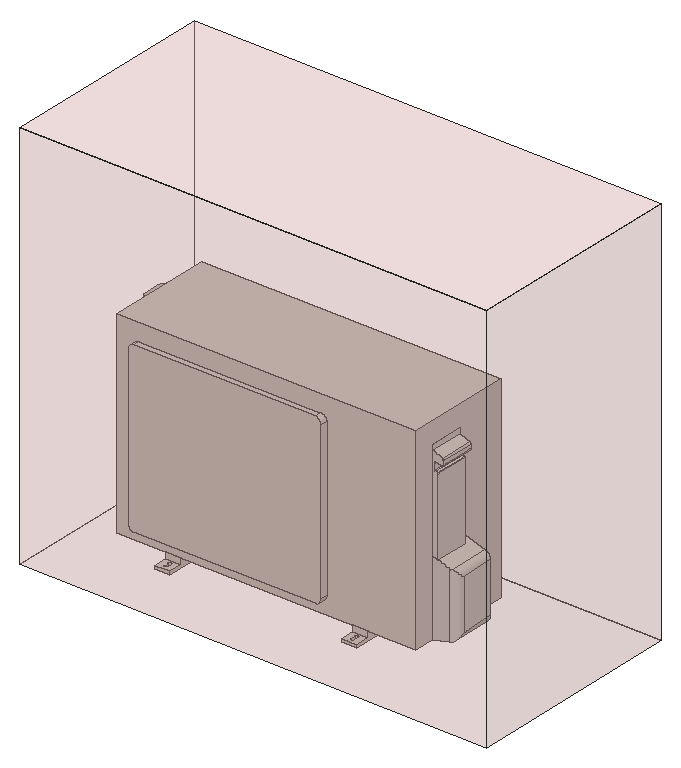
Revit family "MUZ-AY20VG-E1,ET1", category Mechanical Equipment, Revit 2018
Family settings
  Round Connector Dimension = Use Diameter
  Part Type = Normal
  OmniClass Number = 23.75.00.00
  OmniClass Title = Climate Control (HVAC)
  Work Plane-Based = No
  Always vertical = Yes
  Cut with Voids When Loaded = No
  Shared = No
  Room Calculation Point = No
Parameters (values of type "MUZ-AY20VG-E1,ET1-230V50Hz")
  Width (mm) = 800.00 mm
  Weight (kg) = "27.5"
  WarrantyStart = ""
  TagNumber = 0
  Starting current (Set) (A) = "3.2"
  Sound level  Heating (dB(A)) = "48"
  Sound level  Cooling (dB(A)) = "47"
  SerialNumber = 0
  Running current (Set)  Heating (A) = "3.2"
  Running current (Set)  Cooling (A) = "2.6"
  ReplacementYear = ""
  Refrigerant type = "R32"
  Refrigerant filling capacity (kg) = "0.55"
  Power input (Set)  Heating (W) = "600"
  Power input (Set)  Cooiing (W) = "460"
  Power factor (Set)  Heating (%) = "81"
  Power factor (Set)  Cooling (%) = "76"
  Model = "MUZ-AY20VG"
  Voltage = 230 V
  URL = "https://www.mitsubishielectric.com/"
  Subcategory = "HVAC"
  Space View = yes
  Phase = 1
  Manufacturer = "Mitsubishi Electric Corporation"
  Liquid pipe O.D. (mm) = 6.35 mm
  InstallationDate = ""
  Hertz = 50 Hz
  Height (mm) = 550.00 mm
  Gas pipe O.D. (mm) = 9.52 mm
  Fan speed regulator = 3
  Fan speed  Heating  Medium (rpm) = "780"
  Fan speed  Heating  Low (rpm) = "570"
  Fan speed  Heating  High (rpm) = "900"
  Fan speed  Cooling  Medium (rpm) = "940"
  Fan speed  Cooling  Low (rpm) = "470"
  Fan speed  Cooling  High (rpm) = "940"
  Fan motor Model = "RC0J50-NC"
  Fan motor  Current  Heating (A) = "0.20"
  Fan motor  Current  Cooling (A) = "0.22"
  Equip_description = ""
  Equip_No. = 0
  Equip_ID = ""
  Description_ = ""
  Description = "Outdoor unit"
  Depth (mm) = 285.00 mm
  Dehumidification  Cooling (L/h) = "0.6"
  CreatedOn = ""
  CreatedBy = ""
  Compressor Refrigeration oil (Model) = "FW68S"
  Compressor Refrigeration oil (L) = "0.27"
  Compressor Output (W) = "470"
  Compressor Model = "KVB073FYTMC"
  Compressor Current  Heating (A) = "2.81"
  Compressor Current  Cooling (A) = "2.19"
  Coefficient of performance (COP)(Set)  Heating = "4.17"
  Coefficient of performance (COP)(Set)  Cooling = "4.35"
  Category = ""
  Capacity Rated (Min.-Max.)    Heating (kW) = "2.5 (0.5 - 3.5)"
  Capacity Rated (Min.-Max.)    Cooling (kW) = "2.0 (0.6 - 2.7)"
  Breaker Capacity (A) = "10"
  Barcode = ""
  AssetIdentifier = ""
  Airflow  Heating  Medium (m3/h) = "1788"
  Airflow  Heating  Low (m3/h) = "1284"
  Airflow  Heating  High (m3/h) = "2076"
  Airflow  Cooling  Medium (m3/h) = "2178"
  Airflow  Cooling  Low (m3/h) = "1038"
  Airflow  Cooling  High (m3/h) = "2178"
Reference planes
  plane 1 "Center (Front/Back)": y = -5.1
  plane 2: z = 0
  plane 3 "Center (Left/Right)": x = -24.9
  plane 4 "top": z = 550
  plane 5 "pipe": y = -33.1
  plane 6 "PanelCenter": z = 280
  plane 7: through (4267.2, -33.059, 99.519) normal (0, 0.682, -0.7314)
  plane 8: through (4267.2, -33.059, 164.527) normal (0, 0.5736, -0.8192)
  plane 9 "handle": x = -447.2
  plane 10: x = -122.4
  plane 11 "Drain": y = 93.4
  plane 12: z = 650
  plane 13 "Left": x = -424.9
  plane 14 "Right": x = 375.1
  plane 15 "Gas_H": z = 99.5
  plane 16: z = 164.5
  plane 17: y = 137.4
  plane 18: y = -147.6
Forms (mm)
  Extrusion 1, solid, material "Paint_3Y 7.8/ 1.1"
    sketch origin (0.044, -0.042, 0) x (1, 0, 0) y (0, 1, 0)
      loop
        line (-424.944, 137.442) -> (-424.944, -147.558) -> (375.056, -147.558) -> (375.056, 137.442) -> (-424.944, 137.442)
    from 26 to 550
  Extrusion 2, solid
    sketch origin (-267.043, 124.697, 46) x (1, 0, 0) y (0, 1, 0)
      loop
        circle (312.143, 12.705) r 1.954
      loop
        circle (227.143, 12.705) r 1.954
      loop
        circle (397.143, 12.705) r 1.954
      loop
        circle (482.143, 12.705) r 1.954
      loop
        circle (142.143, 12.705) r 1.954
      loop
        circle (57.143, 12.705) r 1.954
    from 0 to 468
  Extrusion 3, solid
    sketch origin (-374.956, -20.244, 0) x (0, 1, 0) y (0, 0, 1)
      loop
        circle (157.645, 280) r 2
      loop
        circle (157.645, 393) r 2
      loop
        circle (157.645, 167) r 2
      loop
        circle (157.645, 54) r 2
    from 95.145 to 660.056
  Extrusion 4, solid, material "Paint_3Y 7.8/ 1.1"
    sketch origin (-2, -152.341, -15) x (1, 0, 0) y (0, 0, 1)
      loop
        arc (-363.4, 519) -> (-374.007, 514.607) -> (-378.4, 504) r 15
        line (-378.4, 504) -> (-378.4, 86)
        arc (-378.4, 86) -> (-374.007, 75.393) -> (-363.4, 71) r 15
        line (-363.4, 71) -> (122.6, 71)
        arc (122.6, 71) -> (133.207, 75.393) -> (137.6, 86) r 15
        line (137.6, 86) -> (137.6, 504)
        arc (137.6, 504) -> (133.207, 514.607) -> (122.6, 519) r 15
        line (122.6, 519) -> (-363.4, 519)
    from -4.741 to 12.959
  Extrusion 5, solid, material "Copper"
    sketch origin (0.044, 318.921, 382.582) x (1, 0, 0) y (0, 0.681998, -0.731354)
      loop
        circle (430.373, -33.059) r 4.76
    from -480.5 to -450.5
  Extrusion 6, solid, material "Copper"
    sketch origin (0.044, 301.645, 358.56) x (1, 0, 0) y (0, 0.573576, -0.819152)
      loop
        circle (430.373, -33.059) r 3.175
    from -415.5 to -385.5
  Extrusion 7, solid, material "Paint_3Y 7.8/ 1.1"
    sketch origin (0.044, -0.042, 550) x (1, 0, 0) y (0, 1, 0)
      loop
        line (-424.944, 35.942) -> (-444.593, 22.725)
        arc (-444.593, 22.725) -> (-446.54, 20.567) -> (-447.244, 17.746) r 6
        line (-447.244, 17.746) -> (-447.244, -28.396)
        arc (-447.244, -28.396) -> (-446.657, -30.746) -> (-445.034, -32.545) r 5
        line (-445.034, -32.545) -> (-424.944, -46.058) -> (-424.944, 35.942)
    from -15 to 0
  Extrusion 8, void
    sketch origin (0.044, -152.341, 0) x (1, 0, 0) y (0, 0, 1)
      loop
        line (-424.944, 547.199) -> (-424.944, 555.425) -> (-453.962, 555.425) -> (-453.962, 538.639) -> (-447.244, 538.639) -> (-424.944, 547.199)
    from -188.4 to -106.2
  Extrusion 9, solid
    sketch origin (-333.9, 138.9, 46) x (1, 0, 0) y (0, 0, 1)
      loop
        line (-44, 468) -> (-44, 0) -> (44, 0) -> (44, 468) -> (-44, 468)
      loop
        line (-39, 114.5) -> (-39, 17.5)
        arc (-39, 17.5) -> (-37.536, 13.964) -> (-34, 12.5) r 5
        line (-34, 12.5) -> (34, 12.5)
        arc (34, 12.5) -> (37.536, 13.964) -> (39, 17.5) r 5
        line (39, 17.5) -> (39, 114.5)
        arc (39, 114.5) -> (37.536, 118.036) -> (34, 119.5) r 5
        line (34, 119.5) -> (-34, 119.5)
        arc (-34, 119.5) -> (-37.536, 118.036) -> (-39, 114.5) r 5
      loop
        line (-39, 226.5) -> (-39, 129.5)
        arc (-39, 129.5) -> (-37.536, 125.964) -> (-34, 124.5) r 5
        line (-34, 124.5) -> (34, 124.5)
        arc (34, 124.5) -> (37.536, 125.964) -> (39, 129.5) r 5
        line (39, 129.5) -> (39, 226.5)
        arc (39, 226.5) -> (37.536, 230.036) -> (34, 231.5) r 5
        line (34, 231.5) -> (-34, 231.5)
        arc (-34, 231.5) -> (-37.536, 230.036) -> (-39, 226.5) r 5
      loop
        line (-39, 338.5) -> (-39, 241.5)
        arc (-39, 241.5) -> (-37.536, 237.964) -> (-34, 236.5) r 5
        line (-34, 236.5) -> (34, 236.5)
        arc (34, 236.5) -> (37.536, 237.964) -> (39, 241.5) r 5
        line (39, 241.5) -> (39, 338.5)
        arc (39, 338.5) -> (37.536, 342.036) -> (34, 343.5) r 5
        line (34, 343.5) -> (-34, 343.5)
        arc (-34, 343.5) -> (-37.536, 342.036) -> (-39, 338.5) r 5
      loop
        line (-39, 450.5) -> (-39, 353.5)
        arc (-39, 353.5) -> (-37.536, 349.964) -> (-34, 348.5) r 5
        line (-34, 348.5) -> (34, 348.5)
        arc (34, 348.5) -> (37.536, 349.964) -> (39, 353.5) r 5
        line (39, 353.5) -> (39, 450.5)
        arc (39, 450.5) -> (37.536, 454.036) -> (34, 455.5) r 5
        line (34, 455.5) -> (-34, 455.5)
        arc (-34, 455.5) -> (-37.536, 454.036) -> (-39, 450.5) r 5
    from 0 to 1
  Extrusion 10, void
    sketch origin (-424.9, 137.4, 0) x (-1, 0, 0) y (0, 0, -1)
      loop
        line (-710, -514) -> (-145, -514) -> (-145, -46) -> (-710, -46) -> (-710, -514)
    from -1 to 20
  Extrusion 11, solid, material "paint_original_DarkGlay"
    sketch origin (-434.9, 137.4, 0) x (1, 0, 0) y (0, 0, -1)
      loop
        line (710, -514) -> (710, -444) -> (680, -444) -> (680, -514) -> (710, -514)
    from -9 to 0
  Extrusion 12, void
    sketch origin (0.044, -0.042, 26) x (1, 0, 0) y (0, 1, 0)
      loop
        circle (-24.9, 93.442) r 21
    from -10 to 10
  Extrusion 13, solid
    sketch origin (-279.9, -0.041, 505.63) x (0, 0, -1) y (0, 1, 0)
      loop
        circle (-0.37, 137.442) r 2
    from 0 to 496.679
  Extrusion 14, solid, material "Service space", visible <- "Space View"
    sketch origin (0.044, -0.001, 0) x (1, 0, 0) y (0, 1, 0)
      loop
        line (-524.944, 237.401) -> (-524.944, -347.599) -> (725.056, -347.599) -> (725.056, 237.401) -> (-524.944, 237.401)
    from 0 to 1050
Cuts and joins
  Extrusion 10, Extrusion 12 cuts Extrusion 1
  Extrusion 10 cuts Extrusion 2
  Extrusion 10 cuts Extrusion 3
  Extrusion 8 cuts Extrusion 7
  Extrusion 10 cuts Extrusion 4
Lines and regions (mm)
  model lines
    curve 1: line (-354.356, 36.9, 550) -> (304.644, 36.9, 550)
    curve 2: line (-369.356, 85.9, 550) -> (-369.356, 51.9, 550)
    curve 3: line (304.644, 100.9, 550) -> (-354.356, 100.9, 550)
    curve 4: line (-344.4, -165.3, 504) -> (-344.4, -165.3, 56)
    curve 5: line (-332.4, -165.3, 504) -> (-332.4, -165.3, 56)
    curve 6: line (-320.4, -165.3, 504) -> (-320.4, -165.3, 56)
    curve 7: line (-308.4, -165.3, 504) -> (-308.4, -165.3, 56)
    curve 8: line (-296.4, -165.3, 504) -> (-296.4, -165.3, 56)
    curve 9: line (-284.4, -165.3, 504) -> (-284.4, -165.3, 56)
    curve 10: line (-272.507, -165.3, 504) -> (-272.507, -165.3, 56)
    curve 11: line (-260.4, -165.3, 504) -> (-260.4, -165.3, 56)
    curve 12: line (123.6, -165.3, 468) -> (-368.4, -165.3, 468)
    curve 13: line (123.6, -165.3, 374) -> (-368.4, -165.3, 374)
    curve 14: line (123.6, -165.3, 280) -> (-368.4, -165.3, 280)
    curve 15: line (123.6, -165.3, 186) -> (-368.4, -165.3, 186)
    curve 16: line (123.6, -165.3, 92) -> (-368.4, -165.3, 92)
    curve 17: line (-248.4, -165.3, 504) -> (-248.4, -165.3, 56)
    curve 18: line (-236.4, -165.3, 504) -> (-236.4, -165.3, 56)
    curve 19: line (-224.4, -165.3, 504) -> (-224.4, -165.3, 56)
    curve 20: line (-212.4, -165.3, 504) -> (-212.4, -165.3, 56)
    curve 21: line (-200.4, -165.3, 504) -> (-200.4, -165.3, 56)
    curve 22: line (-188.507, -165.3, 504) -> (-188.507, -165.3, 56)
    curve 23: line (-176.4, -165.3, 504) -> (-176.4, -165.3, 56)
    curve 24: line (-164.4, -165.3, 504) -> (-164.4, -165.3, 56)
    curve 25: line (-152.4, -165.3, 504) -> (-152.4, -165.3, 56)
    curve 26: line (-140.4, -165.3, 504) -> (-140.4, -165.3, 56)
    curve 27: line (-128.4, -165.3, 504) -> (-128.4, -165.3, 56)
    curve 28: line (-116.4, -165.3, 504) -> (-116.4, -165.3, 56)
    curve 29: line (-104.507, -165.3, 504) -> (-104.507, -165.3, 56)
    curve 30: line (-92.4, -165.3, 504) -> (-92.4, -165.3, 56)
    curve 31: line (-80.4, -165.3, 504) -> (-80.4, -165.3, 56)
    curve 32: line (-68.4, -165.3, 504) -> (-68.4, -165.3, 56)
    curve 33: line (-56.4, -165.3, 504) -> (-56.4, -165.3, 56)
    curve 34: line (-44.4, -165.3, 504) -> (-44.4, -165.3, 56)
    curve 35: line (-32.4, -165.3, 504) -> (-32.4, -165.3, 56)
    curve 36: line (-20.507, -165.3, 504) -> (-20.507, -165.3, 56)
    curve 37: line (-8.4, -165.3, 504) -> (-8.4, -165.3, 56)
    curve 38: line (3.6, -165.3, 504) -> (3.6, -165.3, 56)
    curve 39: line (15.6, -165.3, 504) -> (15.6, -165.3, 56)
    curve 40: line (27.6, -165.3, 504) -> (27.6, -165.3, 56)
    curve 41: line (39.6, -165.3, 504) -> (39.6, -165.3, 56)
    curve 42: line (51.493, -165.3, 504) -> (51.493, -165.3, 56)
    curve 43: line (63.6, -165.3, 504) -> (63.6, -165.3, 56)
    curve 44: line (75.6, -165.3, 504) -> (75.6, -165.3, 56)
    curve 45: line (87.6, -165.3, 504) -> (87.6, -165.3, 56)
    curve 46: line (99.6, -165.3, 504) -> (99.6, -165.3, 56)
    curve 47: line (319.644, 85.9, 550) -> (319.644, 51.9, 550)
    curve 48: line (-354.356, -111.1, 550) -> (304.644, -111.1, 550)
    curve 49: line (-369.356, -62.1, 550) -> (-369.356, -96.1, 550)
    curve 50: line (304.644, -47.1, 550) -> (-354.356, -47.1, 550)
    curve 51: line (319.644, -62.1, 550) -> (319.644, -96.1, 550)
    curve 52: line (-354.356, -37.1, 550) -> (304.644, -37.1, 550)
    curve 53: line (-369.356, 11.9, 550) -> (-369.356, -22.1, 550)
    curve 54: line (304.644, 26.9, 550) -> (-354.356, 26.9, 550)
    curve 55: line (319.644, 11.9, 550) -> (319.644, -22.1, 550)
    curve 56: arc (304.644, 100.9, 550) -> (315.25, 96.507, 550) -> (319.644, 85.9, 550) r 15
    curve 57: arc (319.644, 51.9, 550) -> (315.25, 41.293, 550) -> (304.644, 36.9, 550) r 15
    curve 58: arc (-369.356, 85.9, 550) -> (-364.963, 96.507, 550) -> (-354.356, 100.9, 550) r 15
    curve 59: arc (-369.356, 51.9, 550) -> (-364.963, 41.293, 550) -> (-354.356, 36.9, 550) r 15
    curve 60: arc (-354.356, 26.9, 550) -> (-364.963, 22.507, 550) -> (-369.356, 11.9, 550) r 15
    curve 61: arc (-369.356, -22.1, 550) -> (-364.963, -32.707, 550) -> (-354.356, -37.1, 550) r 15
    curve 62: arc (-354.356, -47.1, 550) -> (-364.963, -51.493, 550) -> (-369.356, -62.1, 550) r 15
    curve 63: arc (-369.356, -96.1, 550) -> (-364.963, -106.707, 550) -> (-354.356, -111.1, 550) r 15
    curve 64: arc (304.644, 26.9, 550) -> (315.25, 22.507, 550) -> (319.644, 11.9, 550) r 15
    curve 65: arc (304.644, -37.1, 550) -> (315.25, -32.707, 550) -> (319.644, -22.1, 550) r 15
    curve 66: arc (304.644, -47.1, 550) -> (315.25, -51.493, 550) -> (319.644, -62.1, 550) r 15
    curve 67: arc (304.644, -111.1, 550) -> (315.25, -106.707, 550) -> (319.644, -96.1, 550) r 15
    curve 68: line (111.6, -165.3, 504) -> (111.6, -165.3, 56)
    curve 69: line (123.6, -165.3, 504) -> (123.6, -165.3, 56)
    curve 70: line (-368.4, -165.3, 504) -> (-368.4, -165.3, 56)
    curve 71: line (-356.4, -165.3, 504) -> (-356.4, -165.3, 56)
    curve 72: line (-424.9, 109.859, 510) -> (-424.9, 29.859, 510)
    curve 73: line (-424.9, 115.859, 501) -> (-424.9, 115.859, 504)
    curve 74: line (-424.9, 29.859, 495) -> (-424.9, 109.859, 495)
    curve 75: line (-424.9, 23.859, 504) -> (-424.9, 23.859, 501)
    curve 76: line (-424.9, 7.859, 510) -> (-424.9, -72.141, 510)
    curve 77: line (-424.9, 13.859, 501) -> (-424.9, 13.859, 504)
    curve 78: line (-424.9, -72.141, 495) -> (-424.9, 7.859, 495)
    curve 79: line (-424.9, -78.141, 504) -> (-424.9, -78.141, 501)
    curve 80: arc (-424.9, -72.141, 510) -> (-424.9, -76.384, 508.243) -> (-424.9, -78.141, 504) r 6
    curve 81: arc (-424.9, -78.141, 501) -> (-424.9, -76.384, 496.757) -> (-424.9, -72.141, 495) r 6
    curve 82: arc (-424.9, 7.859, 510) -> (-424.9, 12.102, 508.243) -> (-424.9, 13.859, 504) r 6
    curve 83: arc (-424.9, 13.859, 501) -> (-424.9, 12.102, 496.757) -> (-424.9, 7.859, 495) r 6
    curve 84: arc (-424.9, 29.859, 495) -> (-424.9, 25.616, 496.757) -> (-424.9, 23.859, 501) r 6
    curve 85: arc (-424.9, 23.859, 504) -> (-424.9, 25.616, 508.243) -> (-424.9, 29.859, 510) r 6
    curve 86: arc (-424.9, 109.859, 510) -> (-424.9, 114.102, 508.243) -> (-424.9, 115.859, 504) r 6
    curve 87: arc (-424.9, 115.859, 501) -> (-424.9, 114.102, 496.757) -> (-424.9, 109.859, 495) r 6
    curve 88: line (-424.9, 109.859, 489) -> (-424.9, 29.859, 489)
    curve 89: line (-424.9, 115.859, 480) -> (-424.9, 115.859, 483)
    curve 90: line (-424.9, 29.859, 474) -> (-424.9, 109.859, 474)
    curve 91: line (-424.9, 23.859, 483) -> (-424.9, 23.859, 480)
    curve 92: line (-424.9, 7.859, 489) -> (-424.9, -72.141, 489)
    curve 93: line (-424.9, 13.859, 480) -> (-424.9, 13.859, 483)
    curve 94: line (-424.9, -72.141, 474) -> (-424.9, 7.859, 474)
    curve 95: line (-424.9, -78.141, 483) -> (-424.9, -78.141, 480)
    curve 96: arc (-424.9, -72.141, 489) -> (-424.9, -76.384, 487.243) -> (-424.9, -78.141, 483) r 6
    curve 97: arc (-424.9, -78.141, 480) -> (-424.9, -76.384, 475.757) -> (-424.9, -72.141, 474) r 6
    curve 98: arc (-424.9, 7.859, 489) -> (-424.9, 12.102, 487.243) -> (-424.9, 13.859, 483) r 6
    curve 99: arc (-424.9, 13.859, 480) -> (-424.9, 12.102, 475.757) -> (-424.9, 7.859, 474) r 6
    curve 100: arc (-424.9, 29.859, 474) -> (-424.9, 25.616, 475.757) -> (-424.9, 23.859, 480) r 6
    curve 101: arc (-424.9, 23.859, 483) -> (-424.9, 25.616, 487.243) -> (-424.9, 29.859, 489) r 6
    curve 102: arc (-424.9, 109.859, 489) -> (-424.9, 114.102, 487.243) -> (-424.9, 115.859, 483) r 6
    curve 103: arc (-424.9, 115.859, 480) -> (-424.9, 114.102, 475.757) -> (-424.9, 109.859, 474) r 6
    curve 104: line (-424.9, 109.859, 468) -> (-424.9, 29.859, 468)
    curve 105: line (-424.9, 115.859, 459) -> (-424.9, 115.859, 462)
    curve 106: line (-424.9, 29.859, 453) -> (-424.9, 109.859, 453)
    curve 107: line (-424.9, 23.859, 462) -> (-424.9, 23.859, 459)
    curve 108: line (-424.9, 7.859, 468) -> (-424.9, -72.141, 468)
    curve 109: line (-424.9, 13.859, 459) -> (-424.9, 13.859, 462)
    curve 110: line (-424.9, -72.141, 453) -> (-424.9, 7.859, 453)
    curve 111: line (-424.9, -78.141, 462) -> (-424.9, -78.141, 459)
    curve 112: arc (-424.9, -72.141, 468) -> (-424.9, -76.384, 466.243) -> (-424.9, -78.141, 462) r 6
    curve 113: arc (-424.9, -78.141, 459) -> (-424.9, -76.384, 454.757) -> (-424.9, -72.141, 453) r 6
    curve 114: arc (-424.9, 7.859, 468) -> (-424.9, 12.102, 466.243) -> (-424.9, 13.859, 462) r 6
    curve 115: arc (-424.9, 13.859, 459) -> (-424.9, 12.102, 454.757) -> (-424.9, 7.859, 453) r 6
    curve 116: arc (-424.9, 29.859, 453) -> (-424.9, 25.616, 454.757) -> (-424.9, 23.859, 459) r 6
    curve 117: arc (-424.9, 23.859, 462) -> (-424.9, 25.616, 466.243) -> (-424.9, 29.859, 468) r 6
    curve 118: arc (-424.9, 109.859, 468) -> (-424.9, 114.102, 466.243) -> (-424.9, 115.859, 462) r 6
    curve 119: arc (-424.9, 115.859, 459) -> (-424.9, 114.102, 454.757) -> (-424.9, 109.859, 453) r 6
    curve 120: line (-424.9, 109.859, 447) -> (-424.9, 29.859, 447)
    curve 121: line (-424.9, 115.859, 438) -> (-424.9, 115.859, 441)
    curve 122: line (-424.9, 29.859, 432) -> (-424.9, 109.859, 432)
    curve 123: line (-424.9, 23.859, 441) -> (-424.9, 23.859, 438)
    curve 124: line (-424.9, 7.859, 447) -> (-424.9, -72.141, 447)
    curve 125: line (-424.9, 13.859, 438) -> (-424.9, 13.859, 441)
    curve 126: line (-424.9, -72.141, 432) -> (-424.9, 7.859, 432)
    curve 127: line (-424.9, -78.141, 441) -> (-424.9, -78.141, 438)
    curve 128: arc (-424.9, -72.141, 447) -> (-424.9, -76.384, 445.243) -> (-424.9, -78.141, 441) r 6
    curve 129: arc (-424.9, -78.141, 438) -> (-424.9, -76.384, 433.757) -> (-424.9, -72.141, 432) r 6
    curve 130: arc (-424.9, 7.859, 447) -> (-424.9, 12.102, 445.243) -> (-424.9, 13.859, 441) r 6
    curve 131: arc (-424.9, 13.859, 438) -> (-424.9, 12.102, 433.757) -> (-424.9, 7.859, 432) r 6
    curve 132: arc (-424.9, 29.859, 432) -> (-424.9, 25.616, 433.757) -> (-424.9, 23.859, 438) r 6
    curve 133: arc (-424.9, 23.859, 441) -> (-424.9, 25.616, 445.243) -> (-424.9, 29.859, 447) r 6
    curve 134: arc (-424.9, 109.859, 447) -> (-424.9, 114.102, 445.243) -> (-424.9, 115.859, 441) r 6
    curve 135: arc (-424.9, 115.859, 438) -> (-424.9, 114.102, 433.757) -> (-424.9, 109.859, 432) r 6
    curve 136: line (-424.9, 109.859, 426) -> (-424.9, 29.859, 426)
    curve 137: line (-424.9, 115.859, 417) -> (-424.9, 115.859, 420)
    curve 138: line (-424.9, 29.859, 411) -> (-424.9, 109.859, 411)
    curve 139: line (-424.9, 23.859, 420) -> (-424.9, 23.859, 417)
    curve 140: line (-424.9, 7.859, 426) -> (-424.9, -72.141, 426)
    curve 141: line (-424.9, 13.859, 417) -> (-424.9, 13.859, 420)
    curve 142: line (-424.9, -72.141, 411) -> (-424.9, 7.859, 411)
    curve 143: line (-424.9, -78.141, 420) -> (-424.9, -78.141, 417)
    curve 144: arc (-424.9, -72.141, 426) -> (-424.9, -76.384, 424.243) -> (-424.9, -78.141, 420) r 6
    curve 145: arc (-424.9, -78.141, 417) -> (-424.9, -76.384, 412.757) -> (-424.9, -72.141, 411) r 6
    curve 146: arc (-424.9, 7.859, 426) -> (-424.9, 12.102, 424.243) -> (-424.9, 13.859, 420) r 6
    curve 147: arc (-424.9, 13.859, 417) -> (-424.9, 12.102, 412.757) -> (-424.9, 7.859, 411) r 6
    curve 148: arc (-424.9, 29.859, 411) -> (-424.9, 25.616, 412.757) -> (-424.9, 23.859, 417) r 6
    curve 149: arc (-424.9, 23.859, 420) -> (-424.9, 25.616, 424.243) -> (-424.9, 29.859, 426) r 6
    curve 150: arc (-424.9, 109.859, 426) -> (-424.9, 114.102, 424.243) -> (-424.9, 115.859, 420) r 6
    curve 151: arc (-424.9, 115.859, 417) -> (-424.9, 114.102, 412.757) -> (-424.9, 109.859, 411) r 6
    curve 152: line (-424.9, 109.859, 405) -> (-424.9, 29.859, 405)
    curve 153: line (-424.9, 115.859, 396) -> (-424.9, 115.859, 399)
    curve 154: line (-424.9, 29.859, 390) -> (-424.9, 109.859, 390)
    curve 155: line (-424.9, 23.859, 399) -> (-424.9, 23.859, 396)
    curve 156: line (-424.9, 7.859, 405) -> (-424.9, -72.141, 405)
    curve 157: line (-424.9, 13.859, 396) -> (-424.9, 13.859, 399)
    curve 158: line (-424.9, -72.141, 390) -> (-424.9, 7.859, 390)
    curve 159: line (-424.9, -78.141, 399) -> (-424.9, -78.141, 396)
    curve 160: arc (-424.9, -72.141, 405) -> (-424.9, -76.384, 403.243) -> (-424.9, -78.141, 399) r 6
    curve 161: arc (-424.9, -78.141, 396) -> (-424.9, -76.384, 391.757) -> (-424.9, -72.141, 390) r 6
    curve 162: arc (-424.9, 7.859, 405) -> (-424.9, 12.102, 403.243) -> (-424.9, 13.859, 399) r 6
    curve 163: arc (-424.9, 13.859, 396) -> (-424.9, 12.102, 391.757) -> (-424.9, 7.859, 390) r 6
    curve 164: arc (-424.9, 29.859, 390) -> (-424.9, 25.616, 391.757) -> (-424.9, 23.859, 396) r 6
    curve 165: arc (-424.9, 23.859, 399) -> (-424.9, 25.616, 403.243) -> (-424.9, 29.859, 405) r 6
    curve 166: arc (-424.9, 109.859, 405) -> (-424.9, 114.102, 403.243) -> (-424.9, 115.859, 399) r 6
    curve 167: arc (-424.9, 115.859, 396) -> (-424.9, 114.102, 391.757) -> (-424.9, 109.859, 390) r 6
    curve 168: line (-424.9, 109.859, 384) -> (-424.9, 29.859, 384)
    curve 169: line (-424.9, 115.859, 375) -> (-424.9, 115.859, 378)
    curve 170: line (-424.9, 29.859, 369) -> (-424.9, 109.859, 369)
    curve 171: line (-424.9, 23.859, 378) -> (-424.9, 23.859, 375)
    curve 172: line (-424.9, 7.859, 384) -> (-424.9, -72.141, 384)
    curve 173: line (-424.9, 13.859, 375) -> (-424.9, 13.859, 378)
    curve 174: line (-424.9, -72.141, 369) -> (-424.9, 7.859, 369)
    curve 175: line (-424.9, -78.141, 378) -> (-424.9, -78.141, 375)
    curve 176: arc (-424.9, -72.141, 384) -> (-424.9, -76.384, 382.243) -> (-424.9, -78.141, 378) r 6
    curve 177: arc (-424.9, -78.141, 375) -> (-424.9, -76.384, 370.757) -> (-424.9, -72.141, 369) r 6
    curve 178: arc (-424.9, 7.859, 384) -> (-424.9, 12.102, 382.243) -> (-424.9, 13.859, 378) r 6
    curve 179: arc (-424.9, 13.859, 375) -> (-424.9, 12.102, 370.757) -> (-424.9, 7.859, 369) r 6
    curve 180: arc (-424.9, 29.859, 369) -> (-424.9, 25.616, 370.757) -> (-424.9, 23.859, 375) r 6
    curve 181: arc (-424.9, 23.859, 378) -> (-424.9, 25.616, 382.243) -> (-424.9, 29.859, 384) r 6
    curve 182: arc (-424.9, 109.859, 384) -> (-424.9, 114.102, 382.243) -> (-424.9, 115.859, 378) r 6
    curve 183: arc (-424.9, 115.859, 375) -> (-424.9, 114.102, 370.757) -> (-424.9, 109.859, 369) r 6
    curve 184: line (-424.9, 109.859, 363) -> (-424.9, 29.859, 363)
    curve 185: line (-424.9, 115.859, 354) -> (-424.9, 115.859, 357)
    curve 186: line (-424.9, 29.859, 348) -> (-424.9, 109.859, 348)
    curve 187: line (-424.9, 23.859, 357) -> (-424.9, 23.859, 354)
    curve 188: line (-424.9, 7.859, 363) -> (-424.9, -72.141, 363)
    curve 189: line (-424.9, 13.859, 354) -> (-424.9, 13.859, 357)
    curve 190: line (-424.9, -72.141, 348) -> (-424.9, 7.859, 348)
    curve 191: line (-424.9, -78.141, 357) -> (-424.9, -78.141, 354)
    curve 192: arc (-424.9, -72.141, 363) -> (-424.9, -76.384, 361.243) -> (-424.9, -78.141, 357) r 6
    curve 193: arc (-424.9, -78.141, 354) -> (-424.9, -76.384, 349.757) -> (-424.9, -72.141, 348) r 6
    curve 194: arc (-424.9, 7.859, 363) -> (-424.9, 12.102, 361.243) -> (-424.9, 13.859, 357) r 6
    curve 195: arc (-424.9, 13.859, 354) -> (-424.9, 12.102, 349.757) -> (-424.9, 7.859, 348) r 6
    curve 196: arc (-424.9, 29.859, 348) -> (-424.9, 25.616, 349.757) -> (-424.9, 23.859, 354) r 6
    curve 197: arc (-424.9, 23.859, 357) -> (-424.9, 25.616, 361.243) -> (-424.9, 29.859, 363) r 6
    curve 198: arc (-424.9, 109.859, 363) -> (-424.9, 114.102, 361.243) -> (-424.9, 115.859, 357) r 6
    curve 199: arc (-424.9, 115.859, 354) -> (-424.9, 114.102, 349.757) -> (-424.9, 109.859, 348) r 6
    curve 200: line (-424.9, 109.859, 342) -> (-424.9, 29.859, 342)
    curve 201: line (-424.9, 115.859, 333) -> (-424.9, 115.859, 336)
    curve 202: line (-424.9, 29.859, 327) -> (-424.9, 109.859, 327)
    curve 203: line (-424.9, 23.859, 336) -> (-424.9, 23.859, 333)
    curve 204: line (-424.9, 7.859, 342) -> (-424.9, -72.141, 342)
    curve 205: line (-424.9, 13.859, 333) -> (-424.9, 13.859, 336)
    curve 206: line (-424.9, -72.141, 327) -> (-424.9, 7.859, 327)
    curve 207: line (-424.9, -78.141, 336) -> (-424.9, -78.141, 333)
    curve 208: arc (-424.9, -72.141, 342) -> (-424.9, -76.384, 340.243) -> (-424.9, -78.141, 336) r 6
    curve 209: arc (-424.9, -78.141, 333) -> (-424.9, -76.384, 328.757) -> (-424.9, -72.141, 327) r 6
    curve 210: arc (-424.9, 7.859, 342) -> (-424.9, 12.102, 340.243) -> (-424.9, 13.859, 336) r 6
    curve 211: arc (-424.9, 13.859, 333) -> (-424.9, 12.102, 328.757) -> (-424.9, 7.859, 327) r 6
    curve 212: arc (-424.9, 29.859, 327) -> (-424.9, 25.616, 328.757) -> (-424.9, 23.859, 333) r 6
    curve 213: arc (-424.9, 23.859, 336) -> (-424.9, 25.616, 340.243) -> (-424.9, 29.859, 342) r 6
    curve 214: arc (-424.9, 109.859, 342) -> (-424.9, 114.102, 340.243) -> (-424.9, 115.859, 336) r 6
    curve 215: arc (-424.9, 115.859, 333) -> (-424.9, 114.102, 328.757) -> (-424.9, 109.859, 327) r 6
    curve 216: line (-424.9, 109.859, 321) -> (-424.9, 29.859, 321)
    curve 217: line (-424.9, 115.859, 312) -> (-424.9, 115.859, 315)
    curve 218: line (-424.9, 29.859, 306) -> (-424.9, 109.859, 306)
    curve 219: line (-424.9, 23.859, 315) -> (-424.9, 23.859, 312)
    curve 220: line (-424.9, 7.859, 321) -> (-424.9, -72.141, 321)
    curve 221: line (-424.9, 13.859, 312) -> (-424.9, 13.859, 315)
    curve 222: line (-424.9, -72.141, 306) -> (-424.9, 7.859, 306)
    curve 223: line (-424.9, -78.141, 315) -> (-424.9, -78.141, 312)
    curve 224: arc (-424.9, -72.141, 321) -> (-424.9, -76.384, 319.243) -> (-424.9, -78.141, 315) r 6
    curve 225: arc (-424.9, -78.141, 312) -> (-424.9, -76.384, 307.757) -> (-424.9, -72.141, 306) r 6
    curve 226: arc (-424.9, 7.859, 321) -> (-424.9, 12.102, 319.243) -> (-424.9, 13.859, 315) r 6
    curve 227: arc (-424.9, 13.859, 312) -> (-424.9, 12.102, 307.757) -> (-424.9, 7.859, 306) r 6
    curve 228: arc (-424.9, 29.859, 306) -> (-424.9, 25.616, 307.757) -> (-424.9, 23.859, 312) r 6
    curve 229: arc (-424.9, 23.859, 315) -> (-424.9, 25.616, 319.243) -> (-424.9, 29.859, 321) r 6
    curve 230: arc (-424.9, 109.859, 321) -> (-424.9, 114.102, 319.243) -> (-424.9, 115.859, 315) r 6
    curve 231: arc (-424.9, 115.859, 312) -> (-424.9, 114.102, 307.757) -> (-424.9, 109.859, 306) r 6
    curve 232: line (-424.9, 109.859, 300) -> (-424.9, 29.859, 300)
    curve 233: line (-424.9, 115.859, 291) -> (-424.9, 115.859, 294)
    curve 234: line (-424.9, 29.859, 285) -> (-424.9, 109.859, 285)
    curve 235: line (-424.9, 23.859, 294) -> (-424.9, 23.859, 291)
    curve 236: line (-424.9, 7.859, 300) -> (-424.9, -72.141, 300)
    curve 237: line (-424.9, 13.859, 291) -> (-424.9, 13.859, 294)
    curve 238: line (-424.9, -72.141, 285) -> (-424.9, 7.859, 285)
    curve 239: line (-424.9, -78.141, 294) -> (-424.9, -78.141, 291)
    curve 240: arc (-424.9, -72.141, 300) -> (-424.9, -76.384, 298.243) -> (-424.9, -78.141, 294) r 6
    curve 241: arc (-424.9, -78.141, 291) -> (-424.9, -76.384, 286.757) -> (-424.9, -72.141, 285) r 6
    curve 242: arc (-424.9, 7.859, 300) -> (-424.9, 12.102, 298.243) -> (-424.9, 13.859, 294) r 6
    curve 243: arc (-424.9, 13.859, 291) -> (-424.9, 12.102, 286.757) -> (-424.9, 7.859, 285) r 6
    curve 244: arc (-424.9, 29.859, 285) -> (-424.9, 25.616, 286.757) -> (-424.9, 23.859, 291) r 6
    curve 245: arc (-424.9, 23.859, 294) -> (-424.9, 25.616, 298.243) -> (-424.9, 29.859, 300) r 6
    curve 246: arc (-424.9, 109.859, 300) -> (-424.9, 114.102, 298.243) -> (-424.9, 115.859, 294) r 6
    curve 247: arc (-424.9, 115.859, 291) -> (-424.9, 114.102, 286.757) -> (-424.9, 109.859, 285) r 6
    curve 248: line (-424.9, 109.859, 279) -> (-424.9, 29.859, 279)
    curve 249: line (-424.9, 115.859, 270) -> (-424.9, 115.859, 273)
    curve 250: line (-424.9, 29.859, 264) -> (-424.9, 109.859, 264)
    curve 251: line (-424.9, 23.859, 273) -> (-424.9, 23.859, 270)
    curve 252: line (-424.9, 7.859, 279) -> (-424.9, -72.141, 279)
    curve 253: line (-424.9, 13.859, 270) -> (-424.9, 13.859, 273)
    curve 254: line (-424.9, -72.141, 264) -> (-424.9, 7.859, 264)
    curve 255: line (-424.9, -78.141, 273) -> (-424.9, -78.141, 270)
    curve 256: arc (-424.9, -72.141, 279) -> (-424.9, -76.384, 277.243) -> (-424.9, -78.141, 273) r 6
    curve 257: arc (-424.9, -78.141, 270) -> (-424.9, -76.384, 265.757) -> (-424.9, -72.141, 264) r 6
    curve 258: arc (-424.9, 7.859, 279) -> (-424.9, 12.102, 277.243) -> (-424.9, 13.859, 273) r 6
    curve 259: arc (-424.9, 13.859, 270) -> (-424.9, 12.102, 265.757) -> (-424.9, 7.859, 264) r 6
    curve 260: arc (-424.9, 29.859, 264) -> (-424.9, 25.616, 265.757) -> (-424.9, 23.859, 270) r 6
    curve 261: arc (-424.9, 23.859, 273) -> (-424.9, 25.616, 277.243) -> (-424.9, 29.859, 279) r 6
    curve 262: arc (-424.9, 109.859, 279) -> (-424.9, 114.102, 277.243) -> (-424.9, 115.859, 273) r 6
    curve 263: arc (-424.9, 115.859, 270) -> (-424.9, 114.102, 265.757) -> (-424.9, 109.859, 264) r 6
    curve 264: line (-424.9, 109.859, 258) -> (-424.9, 29.859, 258)
    curve 265: line (-424.9, 115.859, 249) -> (-424.9, 115.859, 252)
    curve 266: line (-424.9, 29.859, 243) -> (-424.9, 109.859, 243)
    curve 267: line (-424.9, 23.859, 252) -> (-424.9, 23.859, 249)
    curve 268: line (-424.9, 7.859, 258) -> (-424.9, -72.141, 258)
    curve 269: line (-424.9, 13.859, 249) -> (-424.9, 13.859, 252)
    curve 270: line (-424.9, -72.141, 243) -> (-424.9, 7.859, 243)
    curve 271: line (-424.9, -78.141, 252) -> (-424.9, -78.141, 249)
    curve 272: arc (-424.9, -72.141, 258) -> (-424.9, -76.384, 256.243) -> (-424.9, -78.141, 252) r 6
    curve 273: arc (-424.9, -78.141, 249) -> (-424.9, -76.384, 244.757) -> (-424.9, -72.141, 243) r 6
    curve 274: arc (-424.9, 7.859, 258) -> (-424.9, 12.102, 256.243) -> (-424.9, 13.859, 252) r 6
    curve 275: arc (-424.9, 13.859, 249) -> (-424.9, 12.102, 244.757) -> (-424.9, 7.859, 243) r 6
    curve 276: arc (-424.9, 29.859, 243) -> (-424.9, 25.616, 244.757) -> (-424.9, 23.859, 249) r 6
    curve 277: arc (-424.9, 23.859, 252) -> (-424.9, 25.616, 256.243) -> (-424.9, 29.859, 258) r 6
    curve 278: arc (-424.9, 109.859, 258) -> (-424.9, 114.102, 256.243) -> (-424.9, 115.859, 252) r 6
    curve 279: arc (-424.9, 115.859, 249) -> (-424.9, 114.102, 244.757) -> (-424.9, 109.859, 243) r 6
    curve 280: line (-424.9, 109.859, 237) -> (-424.9, 29.859, 237)
    curve 281: line (-424.9, 115.859, 228) -> (-424.9, 115.859, 231)
    curve 282: line (-424.9, 29.859, 222) -> (-424.9, 109.859, 222)
    curve 283: line (-424.9, 23.859, 231) -> (-424.9, 23.859, 228)
    curve 284: line (-424.9, 7.859, 237) -> (-424.9, -72.141, 237)
    curve 285: line (-424.9, 13.859, 228) -> (-424.9, 13.859, 231)
    curve 286: line (-424.9, -72.141, 222) -> (-424.9, 7.859, 222)
    curve 287: line (-424.9, -78.141, 231) -> (-424.9, -78.141, 228)
    curve 288: arc (-424.9, -72.141, 237) -> (-424.9, -76.384, 235.243) -> (-424.9, -78.141, 231) r 6
    curve 289: arc (-424.9, -78.141, 228) -> (-424.9, -76.384, 223.757) -> (-424.9, -72.141, 222) r 6
    curve 290: arc (-424.9, 7.859, 237) -> (-424.9, 12.102, 235.243) -> (-424.9, 13.859, 231) r 6
    curve 291: arc (-424.9, 13.859, 228) -> (-424.9, 12.102, 223.757) -> (-424.9, 7.859, 222) r 6
    curve 292: arc (-424.9, 29.859, 222) -> (-424.9, 25.616, 223.757) -> (-424.9, 23.859, 228) r 6
    curve 293: arc (-424.9, 23.859, 231) -> (-424.9, 25.616, 235.243) -> (-424.9, 29.859, 237) r 6
    curve 294: arc (-424.9, 109.859, 237) -> (-424.9, 114.102, 235.243) -> (-424.9, 115.859, 231) r 6
    curve 295: arc (-424.9, 115.859, 228) -> (-424.9, 114.102, 223.757) -> (-424.9, 109.859, 222) r 6
    curve 296: line (-424.9, 109.859, 216) -> (-424.9, 29.859, 216)
    curve 297: line (-424.9, 115.859, 207) -> (-424.9, 115.859, 210)
    curve 298: line (-424.9, 29.859, 201) -> (-424.9, 109.859, 201)
    curve 299: line (-424.9, 23.859, 210) -> (-424.9, 23.859, 207)
    curve 300: line (-424.9, 7.859, 216) -> (-424.9, -72.141, 216)
    curve 301: line (-424.9, 13.859, 207) -> (-424.9, 13.859, 210)
    curve 302: line (-424.9, -72.141, 201) -> (-424.9, 7.859, 201)
    curve 303: line (-424.9, -78.141, 210) -> (-424.9, -78.141, 207)
    curve 304: arc (-424.9, -72.141, 216) -> (-424.9, -76.384, 214.243) -> (-424.9, -78.141, 210) r 6
    curve 305: arc (-424.9, -78.141, 207) -> (-424.9, -76.384, 202.757) -> (-424.9, -72.141, 201) r 6
    curve 306: arc (-424.9, 7.859, 216) -> (-424.9, 12.102, 214.243) -> (-424.9, 13.859, 210) r 6
    curve 307: arc (-424.9, 13.859, 207) -> (-424.9, 12.102, 202.757) -> (-424.9, 7.859, 201) r 6
    curve 308: arc (-424.9, 29.859, 201) -> (-424.9, 25.616, 202.757) -> (-424.9, 23.859, 207) r 6
    curve 309: arc (-424.9, 23.859, 210) -> (-424.9, 25.616, 214.243) -> (-424.9, 29.859, 216) r 6
    curve 310: arc (-424.9, 109.859, 216) -> (-424.9, 114.102, 214.243) -> (-424.9, 115.859, 210) r 6
    curve 311: arc (-424.9, 115.859, 207) -> (-424.9, 114.102, 202.757) -> (-424.9, 109.859, 201) r 6
    curve 312: line (-424.9, 109.859, 195) -> (-424.9, 29.859, 195)
    curve 313: line (-424.9, 115.859, 186) -> (-424.9, 115.859, 189)
    curve 314: line (-424.9, 29.859, 180) -> (-424.9, 109.859, 180)
    curve 315: line (-424.9, 23.859, 189) -> (-424.9, 23.859, 186)
    curve 316: line (-424.9, 7.859, 195) -> (-424.9, -72.141, 195)
    curve 317: line (-424.9, 13.859, 186) -> (-424.9, 13.859, 189)
    curve 318: line (-424.9, -72.141, 180) -> (-424.9, 7.859, 180)
    curve 319: line (-424.9, -78.141, 189) -> (-424.9, -78.141, 186)
    curve 320: arc (-424.9, -72.141, 195) -> (-424.9, -76.384, 193.243) -> (-424.9, -78.141, 189) r 6
    curve 321: arc (-424.9, -78.141, 186) -> (-424.9, -76.384, 181.757) -> (-424.9, -72.141, 180) r 6
    curve 322: arc (-424.9, 7.859, 195) -> (-424.9, 12.102, 193.243) -> (-424.9, 13.859, 189) r 6
    curve 323: arc (-424.9, 13.859, 186) -> (-424.9, 12.102, 181.757) -> (-424.9, 7.859, 180) r 6
    curve 324: arc (-424.9, 29.859, 180) -> (-424.9, 25.616, 181.757) -> (-424.9, 23.859, 186) r 6
    curve 325: arc (-424.9, 23.859, 189) -> (-424.9, 25.616, 193.243) -> (-424.9, 29.859, 195) r 6
    curve 326: arc (-424.9, 109.859, 195) -> (-424.9, 114.102, 193.243) -> (-424.9, 115.859, 189) r 6
    curve 327: arc (-424.9, 115.859, 186) -> (-424.9, 114.102, 181.757) -> (-424.9, 109.859, 180) r 6
    curve 328: line (-424.9, 109.859, 174) -> (-424.9, 29.859, 174)
    curve 329: line (-424.9, 115.859, 165) -> (-424.9, 115.859, 168)
    curve 330: line (-424.9, 29.859, 159) -> (-424.9, 109.859, 159)
    curve 331: line (-424.9, 23.859, 168) -> (-424.9, 23.859, 165)
    curve 332: line (-424.9, 7.859, 174) -> (-424.9, -72.141, 174)
    curve 333: line (-424.9, 13.859, 165) -> (-424.9, 13.859, 168)
    curve 334: line (-424.9, -72.141, 159) -> (-424.9, 7.859, 159)
    curve 335: line (-424.9, -78.141, 168) -> (-424.9, -78.141, 165)
    curve 336: arc (-424.9, -72.141, 174) -> (-424.9, -76.384, 172.243) -> (-424.9, -78.141, 168) r 6
    curve 337: arc (-424.9, -78.141, 165) -> (-424.9, -76.384, 160.757) -> (-424.9, -72.141, 159) r 6
    curve 338: arc (-424.9, 7.859, 174) -> (-424.9, 12.102, 172.243) -> (-424.9, 13.859, 168) r 6
    curve 339: arc (-424.9, 13.859, 165) -> (-424.9, 12.102, 160.757) -> (-424.9, 7.859, 159) r 6
    curve 340: arc (-424.9, 29.859, 159) -> (-424.9, 25.616, 160.757) -> (-424.9, 23.859, 165) r 6
    curve 341: arc (-424.9, 23.859, 168) -> (-424.9, 25.616, 172.243) -> (-424.9, 29.859, 174) r 6
    curve 342: arc (-424.9, 109.859, 174) -> (-424.9, 114.102, 172.243) -> (-424.9, 115.859, 168) r 6
    curve 343: arc (-424.9, 115.859, 165) -> (-424.9, 114.102, 160.757) -> (-424.9, 109.859, 159) r 6
    curve 344: line (-424.9, 109.859, 153) -> (-424.9, 29.859, 153)
    curve 345: line (-424.9, 115.859, 144) -> (-424.9, 115.859, 147)
    curve 346: line (-424.9, 29.859, 138) -> (-424.9, 109.859, 138)
    curve 347: line (-424.9, 23.859, 147) -> (-424.9, 23.859, 144)
    curve 348: line (-424.9, 7.859, 153) -> (-424.9, -72.141, 153)
    curve 349: line (-424.9, 13.859, 144) -> (-424.9, 13.859, 147)
    curve 350: line (-424.9, -72.141, 138) -> (-424.9, 7.859, 138)
    curve 351: line (-424.9, -78.141, 147) -> (-424.9, -78.141, 144)
    curve 352: arc (-424.9, -72.141, 153) -> (-424.9, -76.384, 151.243) -> (-424.9, -78.141, 147) r 6
    curve 353: arc (-424.9, -78.141, 144) -> (-424.9, -76.384, 139.757) -> (-424.9, -72.141, 138) r 6
    curve 354: arc (-424.9, 7.859, 153) -> (-424.9, 12.102, 151.243) -> (-424.9, 13.859, 147) r 6
    curve 355: arc (-424.9, 13.859, 144) -> (-424.9, 12.102, 139.757) -> (-424.9, 7.859, 138) r 6
    curve 356: arc (-424.9, 29.859, 138) -> (-424.9, 25.616, 139.757) -> (-424.9, 23.859, 144) r 6
    curve 357: arc (-424.9, 23.859, 147) -> (-424.9, 25.616, 151.243) -> (-424.9, 29.859, 153) r 6
    curve 358: arc (-424.9, 109.859, 153) -> (-424.9, 114.102, 151.243) -> (-424.9, 115.859, 147) r 6
    curve 359: arc (-424.9, 115.859, 144) -> (-424.9, 114.102, 139.757) -> (-424.9, 109.859, 138) r 6
    curve 360: line (-424.9, 109.859, 132) -> (-424.9, 29.859, 132)
    curve 361: line (-424.9, 115.859, 123) -> (-424.9, 115.859, 126)
    curve 362: line (-424.9, 29.859, 117) -> (-424.9, 109.859, 117)
    curve 363: line (-424.9, 23.859, 126) -> (-424.9, 23.859, 123)
    curve 364: line (-424.9, 7.859, 132) -> (-424.9, -72.141, 132)
    curve 365: line (-424.9, 13.859, 123) -> (-424.9, 13.859, 126)
    curve 366: line (-424.9, -72.141, 117) -> (-424.9, 7.859, 117)
    curve 367: line (-424.9, -78.141, 126) -> (-424.9, -78.141, 123)
    curve 368: arc (-424.9, -72.141, 132) -> (-424.9, -76.384, 130.243) -> (-424.9, -78.141, 126) r 6
    curve 369: arc (-424.9, -78.141, 123) -> (-424.9, -76.384, 118.757) -> (-424.9, -72.141, 117) r 6
    curve 370: arc (-424.9, 7.859, 132) -> (-424.9, 12.102, 130.243) -> (-424.9, 13.859, 126) r 6
    curve 371: arc (-424.9, 13.859, 123) -> (-424.9, 12.102, 118.757) -> (-424.9, 7.859, 117) r 6
    curve 372: arc (-424.9, 29.859, 117) -> (-424.9, 25.616, 118.757) -> (-424.9, 23.859, 123) r 6
    curve 373: arc (-424.9, 23.859, 126) -> (-424.9, 25.616, 130.243) -> (-424.9, 29.859, 132) r 6
    curve 374: arc (-424.9, 109.859, 132) -> (-424.9, 114.102, 130.243) -> (-424.9, 115.859, 126) r 6
    curve 375: arc (-424.9, 115.859, 123) -> (-424.9, 114.102, 118.757) -> (-424.9, 109.859, 117) r 6
    curve 376: line (-424.9, 109.859, 111) -> (-424.9, 29.859, 111)
    curve 377: line (-424.9, 115.859, 102) -> (-424.9, 115.859, 105)
    curve 378: line (-424.9, 29.859, 96) -> (-424.9, 109.859, 96)
    curve 379: line (-424.9, 23.859, 105) -> (-424.9, 23.859, 102)
    curve 380: line (-424.9, 7.859, 111) -> (-424.9, -72.141, 111)
    curve 381: line (-424.9, 13.859, 102) -> (-424.9, 13.859, 105)
    curve 382: line (-424.9, -72.141, 96) -> (-424.9, 7.859, 96)
    curve 383: line (-424.9, -78.141, 105) -> (-424.9, -78.141, 102)
    curve 384: arc (-424.9, -72.141, 111) -> (-424.9, -76.384, 109.243) -> (-424.9, -78.141, 105) r 6
    curve 385: arc (-424.9, -78.141, 102) -> (-424.9, -76.384, 97.757) -> (-424.9, -72.141, 96) r 6
    curve 386: arc (-424.9, 7.859, 111) -> (-424.9, 12.102, 109.243) -> (-424.9, 13.859, 105) r 6
    curve 387: arc (-424.9, 13.859, 102) -> (-424.9, 12.102, 97.757) -> (-424.9, 7.859, 96) r 6
    curve 388: arc (-424.9, 29.859, 96) -> (-424.9, 25.616, 97.757) -> (-424.9, 23.859, 102) r 6
    curve 389: arc (-424.9, 23.859, 105) -> (-424.9, 25.616, 109.243) -> (-424.9, 29.859, 111) r 6
    curve 390: arc (-424.9, 109.859, 111) -> (-424.9, 114.102, 109.243) -> (-424.9, 115.859, 105) r 6
    curve 391: arc (-424.9, 115.859, 102) -> (-424.9, 114.102, 97.757) -> (-424.9, 109.859, 96) r 6
    curve 392: line (-424.9, 109.859, 90) -> (-424.9, 29.859, 90)
    curve 393: line (-424.9, 115.859, 81) -> (-424.9, 115.859, 84)
    curve 394: line (-424.9, 29.859, 75) -> (-424.9, 109.859, 75)
    curve 395: line (-424.9, 23.859, 84) -> (-424.9, 23.859, 81)
    curve 396: line (-424.9, 7.859, 90) -> (-424.9, -72.141, 90)
    curve 397: line (-424.9, 13.859, 81) -> (-424.9, 13.859, 84)
    curve 398: line (-424.9, -72.141, 75) -> (-424.9, 7.859, 75)
    curve 399: line (-424.9, -78.141, 84) -> (-424.9, -78.141, 81)
    curve 400: arc (-424.9, -72.141, 90) -> (-424.9, -76.384, 88.243) -> (-424.9, -78.141, 84) r 6
    curve 401: arc (-424.9, -78.141, 81) -> (-424.9, -76.384, 76.757) -> (-424.9, -72.141, 75) r 6
    curve 402: arc (-424.9, 7.859, 90) -> (-424.9, 12.102, 88.243) -> (-424.9, 13.859, 84) r 6
    curve 403: arc (-424.9, 13.859, 81) -> (-424.9, 12.102, 76.757) -> (-424.9, 7.859, 75) r 6
    curve 404: arc (-424.9, 29.859, 75) -> (-424.9, 25.616, 76.757) -> (-424.9, 23.859, 81) r 6
    curve 405: arc (-424.9, 23.859, 84) -> (-424.9, 25.616, 88.243) -> (-424.9, 29.859, 90) r 6
    curve 406: arc (-424.9, 109.859, 90) -> (-424.9, 114.102, 88.243) -> (-424.9, 115.859, 84) r 6
    curve 407: arc (-424.9, 115.859, 81) -> (-424.9, 114.102, 76.757) -> (-424.9, 109.859, 75) r 6
    curve 408: line (-424.9, 109.859, 69) -> (-424.9, 29.859, 69)
    curve 409: line (-424.9, 115.859, 60) -> (-424.9, 115.859, 63)
    curve 410: line (-424.9, 29.859, 54) -> (-424.9, 109.859, 54)
    curve 411: line (-424.9, 23.859, 63) -> (-424.9, 23.859, 60)
    curve 412: line (-424.9, 7.859, 69) -> (-424.9, -72.141, 69)
    curve 413: line (-424.9, 13.859, 60) -> (-424.9, 13.859, 63)
    curve 414: line (-424.9, -72.141, 54) -> (-424.9, 7.859, 54)
    curve 415: line (-424.9, -78.141, 63) -> (-424.9, -78.141, 60)
    curve 416: arc (-424.9, -72.141, 69) -> (-424.9, -76.384, 67.243) -> (-424.9, -78.141, 63) r 6
    curve 417: arc (-424.9, -78.141, 60) -> (-424.9, -76.384, 55.757) -> (-424.9, -72.141, 54) r 6
    curve 418: arc (-424.9, 7.859, 69) -> (-424.9, 12.102, 67.243) -> (-424.9, 13.859, 63) r 6
    curve 419: arc (-424.9, 13.859, 60) -> (-424.9, 12.102, 55.757) -> (-424.9, 7.859, 54) r 6
    curve 420: arc (-424.9, 29.859, 54) -> (-424.9, 25.616, 55.757) -> (-424.9, 23.859, 60) r 6
    curve 421: arc (-424.9, 23.859, 63) -> (-424.9, 25.616, 67.243) -> (-424.9, 29.859, 69) r 6
    curve 422: arc (-424.9, 109.859, 69) -> (-424.9, 114.102, 67.243) -> (-424.9, 115.859, 63) r 6
    curve 423: arc (-424.9, 115.859, 60) -> (-424.9, 114.102, 55.757) -> (-424.9, 109.859, 54) r 6
    curve 424: arc (-233.414, -165.3, 504) -> (-372.4, -165.3, 280) -> (-233.414, -165.3, 56) r 250
    curve 425: circle (-122.4, -165.3, 280) r 186.676 normal (0, -1, 0)
    curve 426: arc (-11.386, -165.3, 56) -> (127.6, -165.3, 280) -> (-11.386, -165.3, 504) r 250
Text (mm)
  text "Required Space" at (-343.165, 0, 683.167), in view "Front"
Dimensions and locks
  plane 4 "top" to level = 550.00 mm
  plane 6 "PanelCenter" to level = 280.00 mm
  nested 2 to level = 8.00 mm
  nested 1 to nested 2 = 500.00 mm
  nested 1 to nested 1 = 344.50 mm
  nested 1 to nested 1 = 40.00 mm
  plane 4 "top" to Extrusion 14 = 550.00 mm
  nested 2 to plane 13 "Left" = 150.00 mm
  plane 10 to plane 13 "Left" = 302.50 mm
  plane 14 "Right" to plane 13 "Left" = 800.00 mm
  plane 14 "Right" to plane 3 "Center (Left/Right)" to plane 13 "Left" = 400.00 mm, 400.00 mm
  nested 3 to plane 14 "Right" = 69.00 mm
  plane 13 "Left" to plane 9 "handle" = 22.30 mm
  plane 15 "Gas_H" to level = 99.50 mm
  plane 16 to level = 164.50 mm
  Extrusion 14 to plane 13 "Left" = 100.00 mm
  plane 14 "Right" to Extrusion 14 = 350.00 mm
  plane 13 "Left" to plane 3 "Center (Left/Right)" to plane 14 "Right" = 400.00 mm, 400.00 mm
  plane 13 "Left" to plane 3 "Center (Left/Right)" = 400.00 mm
  plane 17 to plane 18 = 285.00 mm
  equal spacing: plane 17, plane 1 "Center (Front/Back)", plane 18
  Extrusion 14 to plane 17 = 100.00 mm
  Extrusion 14 to plane 18 = 200.00 mm
  plane 11 "Drain" to plane 17 = 44.00 mm
  plane 13 "Left" to plane 14 "Right" = 800.00 mm
  nested 1 to nested 1 = 17.50 mm
  plane 5 "pipe" to plane 17 = 170.50 mm
  cut or joined group of Extrusion 4, Extrusion 10 to plane 18 = 17.70 mm
  radius of Extrusion 5 sketch curve = 4.76 mm
  radius of Extrusion 6 sketch curve = 3.175 mm
  diameter of cut or joined group of Extrusion 1, Extrusion 10, Extrusion 12 = 42.00 mm
  angle level to plane 7 = 43.00°
  angle level to plane 8 = 35.00°
  aligned and locked: level to plane 2
Automatic sketch dimensions
  Extrusion 1 sketch curve to plane 13 "Left" = 0.00 mm
  Extrusion 1 sketch curve to plane 14 "Right" = 0.00 mm
  curve 2 to Extrusion 1 = 55.544 mm
  curve 53 to Extrusion 1 = 55.544 mm
  curve 49 to curve 53 = 0.00 mm
  curve 49 to curve 62 = 15.00 mm
  curve 49 to curve 48 = 15.00 mm
  curve 52 to curve 50 = 0.00 mm  (x2)
  curve 2 to curve 3 = 15.00 mm
  curve 60 to curve 54 = 15.00 mm
  curve 2 to curve 59 = 15.00 mm
  curve 67 to Extrusion 1 = 70.456 mm
  curve 57 to Extrusion 1 = 70.456 mm
  curve 56 to curve 57 = 0.00 mm
  curve 66 to curve 67 = 0.00 mm
  curve 54 to curve 1 = 0.00 mm
  curve 56 to curve 47 = 15.00 mm
  curve 66 to curve 51 = 15.00 mm
  curve 64 to curve 55 = 15.00 mm
  curve 48 to Extrusion 1 = 36.50 mm
  curve 63 to curve 49 = 34.00 mm
  curve 50 to curve 52 = 10.00 mm
  curve 53 to curve 53 = 34.00 mm
  curve 54 to curve 1 = 10.00 mm
  curve 59 to curve 2 = 34.00 mm
  Extrusion 2 sketch curve to plane 10 = 87.50 mm
  Extrusion 2 sketch curve to plane 10 = 2.50 mm
  Extrusion 2 sketch curve to plane 3 "Center (Left/Right)" = 15.00 mm
  plane 3 "Center (Left/Right)" to Extrusion 2 sketch curve = 70.00 mm
  Extrusion 2 sketch curve to Extrusion 2 sketch curve = 85.00 mm  (x2)
  Extrusion 3 sketch curve to plane 6 "PanelCenter" = 0.00 mm
  plane 16 to Extrusion 3 sketch curve = 2.50 mm
  Extrusion 3 sketch curve to plane 15 "Gas_H" = 45.50 mm
  Extrusion 3 sketch curve to Extrusion 3 sketch curve = 113.00 mm
  plane 13 "Left" to Extrusion 4 sketch curve = 44.50 mm
  Extrusion 4 sketch curve to Extrusion 4 sketch curve = 15.00 mm  (x3)
  plane 4 "top" to Extrusion 4 sketch curve = 46.00 mm
  plane 3 "Center (Left/Right)" to Extrusion 4 sketch curve = 145.50 mm  (x2)
  Extrusion 4 sketch curve to plane 15 "Gas_H" = 43.50 mm
  Extrusion 7 sketch curve to Extrusion 1 = 0.00 mm
  Extrusion 1 to Extrusion 7 sketch curve = 16.30 mm
  Extrusion 1 to Extrusion 7 sketch curve = 17.30 mm
  Extrusion 7 sketch curve to Extrusion 7 sketch curve = 3.349 mm
  Extrusion 7 sketch curve to Extrusion 7 sketch curve = 2.791 mm
  Extrusion 7 sketch curve to Extrusion 7 sketch curve = 2.651 mm
  Extrusion 7 sketch curve to Extrusion 1 = 101.50 mm
  Extrusion 7 sketch curve to Extrusion 7 sketch curve = 13.514 mm
  Extrusion 7 sketch curve to Extrusion 7 sketch curve = 46.142 mm
  Extrusion 7 sketch curve to Extrusion 7 sketch curve = 13.217 mm
  Extrusion 8 sketch curve to plane 9 "handle" = 0.00 mm
  Extrusion 8 sketch curve to plane 13 "Left" = 0.00 mm
  Extrusion 8 sketch curve to plane 9 "handle" = 6.718 mm
  plane 4 "top" to Extrusion 8 sketch curve = 11.361 mm
  Extrusion 8 sketch curve to plane 4 "top" = 5.425 mm
  plane 4 "top" to Extrusion 8 sketch curve = 2.801 mm
  Extrusion 8 sketch curve to Extrusion 8 sketch curve = 0.00 mm
  plane 13 "Left" to Extrusion 9 sketch curve = 47.00 mm
  plane 13 "Left" to Extrusion 9 sketch curve = 52.00 mm  (x3)
  Extrusion 9 sketch curve to plane 16 = 4.00 mm
  plane 6 "PanelCenter" to Extrusion 9 sketch curve = 7.50 mm
  Extrusion 9 sketch curve to Extrusion 9 sketch curve = 0.00 mm  (x6)
  Extrusion 9 sketch curve to Extrusion 9 sketch curve = 5.00 mm  (x10)
  Extrusion 9 sketch curve to plane 6 "PanelCenter" = 2.50 mm
  Extrusion 9 sketch curve to Extrusion 9 sketch curve = 68.00 mm  (x5)
  plane 16 to Extrusion 9 sketch curve = 11.00 mm
  Extrusion 9 sketch curve to plane 6 "PanelCenter" = 7.50 mm
  Extrusion 9 sketch curve to Extrusion 9 sketch curve = 10.00 mm
  Extrusion 9 sketch curve to plane 15 "Gas_H" = 36.00 mm
  Extrusion 9 sketch curve to Extrusion 9 sketch curve = 12.50 mm  (x2)
  Extrusion 9 sketch curve to Extrusion 9 sketch curve = 97.00 mm
  plane 4 "top" to Extrusion 9 sketch curve = 53.50 mm
  Extrusion 10 sketch curve to Extrusion 1 = 20.00 mm
  Extrusion 1 to Extrusion 10 sketch curve = 90.00 mm
  Extrusion 1 to Extrusion 10 sketch curve = 145.00 mm
  Extrusion 10 sketch curve to Extrusion 1 = 36.00 mm
  Extrusion 1 to Extrusion 11 sketch curve = 36.00 mm
  Extrusion 11 sketch curve to Extrusion 1 = 130.00 mm
  Extrusion 11 sketch curve to Extrusion 11 sketch curve = 30.00 mm
  Extrusion 11 sketch curve to Extrusion 11 sketch curve = 70.00 mm
  Extrusion 1 to Extrusion 12 sketch curve = 44.00 mm
  Extrusion 1 to Extrusion 12 sketch curve = 399.956 mm
  plane 4 "top" to Extrusion 13 sketch curve = 44.00 mm
  Extrusion 14 sketch curve to plane 9 "handle" = 77.70 mm
  plane 14 "Right" to Extrusion 14 sketch curve = 350.00 mm
  curve 417 to curve 416 = 0.00 mm
  Extrusion 1 to curve 418 = 37.00 mm
  curve 416 to curve 418 = 80.00 mm
  curve 419 to curve 418 = 0.00 mm
  curve 418 to curve 421 = 22.00 mm
  curve 420 to curve 421 = 0.00 mm
  curve 423 to Extrusion 1 = 257.459 mm
  curve 422 to curve 423 = 0.00 mm
  curve 421 to curve 418 = 0.00 mm
  curve 422 to curve 423 = 3.00 mm
  curve 418 to curve 419 = 3.00 mm
  curve 421 to curve 420 = 3.00 mm
  curve 416 to curve 417 = 3.00 mm
  curve 418 to curve 418 = 6.00 mm
  curve 423 to curve 409 = 6.00 mm
  Extrusion 1 sketch curve to plane 11 "Drain" = 44.001 mm
  Extrusion 2 sketch curve to plane 11 "Drain" = 44.001 mm  (x6)
  Extrusion 3 sketch curve to plane 11 "Drain" = 44.001 mm  (x4)
  Extrusion 13 sketch curve to plane 11 "Drain" = 44.001 mm
  Extrusion 14 sketch curve to plane 11 "Drain" = 144.00 mm
  plane 5 "pipe" to Extrusion 1 sketch curve = 114.50 mm
  plane 5 "pipe" to Extrusion 14 sketch curve = 314.50 mm
  curve 420 to curve 423 = 80.00 mm
  Extrusion 5 sketch curve to plane 7 = 0.028 mm
  plane 14 "Right" to Extrusion 5 sketch curve = 55.317 mm
  Extrusion 6 sketch curve to plane 8 = 0.024 mm
  plane 14 "Right" to Extrusion 6 sketch curve = 55.317 mm
  curve 70 to Extrusion 4 = 0.00 mm  (x2)
  curve 71 to Extrusion 4 = 0.00 mm  (x2)
  curve 4 to Extrusion 4 = 0.00 mm  (x2)
  curve 5 to Extrusion 4 = 0.00 mm  (x2)
  curve 6 to Extrusion 4 = 0.00 mm  (x2)
  curve 7 to Extrusion 4 = 0.00 mm  (x2)
  curve 8 to Extrusion 4 = 0.00 mm  (x2)
  curve 9 to Extrusion 4 = 0.00 mm  (x2)
  curve 10 to Extrusion 4 = 0.00 mm  (x2)
  curve 11 to Extrusion 4 = 0.00 mm  (x2)
  curve 17 to Extrusion 4 = 0.00 mm  (x2)
  curve 18 to Extrusion 4 = 0.00 mm  (x2)
  curve 19 to Extrusion 4 = 0.00 mm  (x2)
  curve 20 to Extrusion 4 = 0.00 mm  (x2)
  curve 21 to Extrusion 4 = 0.00 mm  (x2)
  curve 22 to Extrusion 4 = 0.00 mm  (x2)
  curve 23 to Extrusion 4 = 0.00 mm  (x2)
  curve 24 to Extrusion 4 = 0.00 mm  (x2)
  curve 25 to Extrusion 4 = 0.00 mm  (x2)
  curve 26 to Extrusion 4 = 0.00 mm  (x2)
  curve 27 to Extrusion 4 = 0.00 mm  (x2)
  curve 28 to Extrusion 4 = 0.00 mm  (x2)
  curve 29 to Extrusion 4 = 0.00 mm  (x2)
  curve 30 to Extrusion 4 = 0.00 mm  (x2)
  curve 31 to Extrusion 4 = 0.00 mm  (x2)
